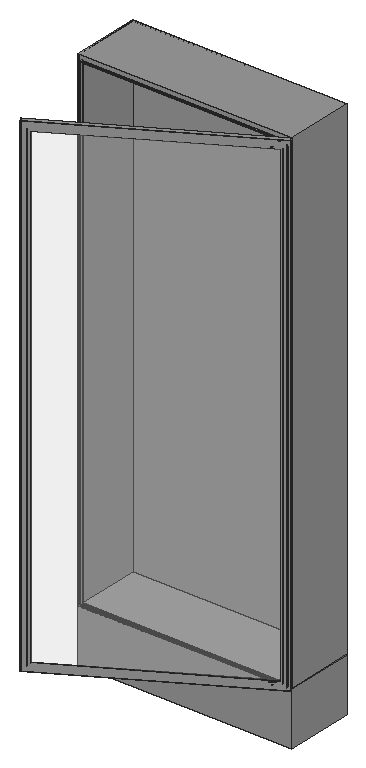
Revit family "Hager-Univers-IP55-D275-H2050-Cl.I-Steel_encl-NoHosted-NL-en", category Equipement électrique, Revit 2020
Family settings
  Configuration du panneau = Deux colonnes, circuits au sein
  Cote de connecteur circulaire = Utiliser le diamètre
  Type d'élément = Tableau de raccordement
  Basée sur le plan de construction = Oui
  Toujours verticalement = Oui
  Couper avec des vides une fois chargée = Non
  Partagée = Non
  Point de calcul de pièce = Non
Parameters (values of type "Floor installation IP55 W800 H2050 D275  - FR23K2")
  Width Control [instance] = if([EF000008 - Width] > Min Width, [EF000008 - Width], Min Width)  # 800 mm
  Commentaires du type = [HG000003 - Range]  # "Univers"
  Thickness Door [instance] = if([EF009171 - Material plate thickness door/cover] > 3 mm, 3 mm, [EF009171 - Material plate thickness door/cover])  # 1.5 mm
  Seal Frame Offset [instance] = 17 mm  # constant formula
  Plinth Visibility [instance] = [HG000027 - Plinth height] > 0 mm  # yes
  Min Width [instance] = 100 mm  # constant formula
  Min Depth [instance] = (2 * [EF009170 - Material plate thickness cabinet]) + 1 mm  # 4 mm
  Min Height [instance] = 100 mm  # constant formula
  Internal Frame Depth [instance] = (Door System Depth * 0.5)  # 9 mm
  Panel Name [instance] = ""  # (empty or 0)
  Model = ""
  HG000027 - Plinth height = 200 mm
  HG000026 - Floor standing = yes
  HG000024 - Bottom section height = 600 mm
  HG000023 - Double section enclosure = no
  HG000016 - Door 3d visibility [instance] = yes
  HG000015 - Clearance visibility [instance] = no
  HG000014 - Door on the right [instance] = yes
  HG000013 - Door on the left [instance] = not([HG000014 - Door on the right])  # no
  HG000012 - Door swing angle [instance] = 30.00°
  HG000010 - Asymmetric doors = no
  HG000009 - Double swing door = no
  HG000006 - Flush mounted = no
  HG000004 - Manufacturer reference = "FR23K2"
  HG000003 - Range = "Univers"
  HG000002 - With door or cover = yes
  Frame Offset Bottom [instance] = 10 mm  # constant formula
  Frame Offset [instance] = 15 mm  # constant formula
  EF015940 - Cover with overpressure release = no
  EF011959 - Degree of protection (NEMA) = ""
  EF009554 - Number of openings for flange plates = 6
  EF009212 - Cover model = "EV000116 - Closed"
  EF009171 - Material plate thickness door/cover = 1.5 mm
  EF009170 - Material plate thickness cabinet = 1.5 mm
  EF008873 - Nominal current (In) = 800 A
  EF007800 - Suitable for lightning protection = no
  EF006306 - With lock = no
  EF006244 - Transparent cover/door = yes
  EF005474 - Degree of protection (IP) = "EV006420 - IP55"
  EF004464 - Type of door = "EV002646 - Single"
  EF004427 - Number of modules = 432
  EF004293 - Impact strength = "EV008784 - IK10"
  EF003532 - Suitable for outdoor use = no
  EF002950 - Width in number of modular spacings = 24
  EF001613 - Circuit integrity = "EV000494 - None"
  EF001596 - Material housing = "EV000179 - Steel"
  EF001131 - Internal depth = 275 mm
  EF001088 - Extension possible = yes
  EF000437 - Number of conduit inlets = 6
  EF000339 - Type of cover = "EV004216 - Door"
  EF000266 - Number of rows = 12
  EF000218 - Built-in depth = 0 mm
  EF000118 - With mounting plate = no
  EF000116 - RAL-number = "7035"
  EF000049 - Depth = 275 mm
  EF000040 - Height = 2050 mm
  EF000008 - Width = 800 mm
  EF000007 - Colour = "EV000270 - Grey"
  EF000003 - Mounting method = "EV012274 - Floor installation"
  Door System Leaf Tolerance [instance] = 1.5 mm  # constant formula
  Door System Depth [instance] = 18 mm  # constant formula
  Door Height [instance] = Height Control - [HG000027 - Plinth height]  # 1850 mm
  Description = ""
  Default Elevation = 1219.2 mm
  Connector Offset [instance] = Height Control / 2  # 1025 mm
  Fabricant = "Hager"  # constant formula
  Height Control [instance] = if([EF000040 - Height] > Min Height, [EF000040 - Height], Min Height)  # 2050 mm
  Depth Control [instance] = if([EF000049 - Depth] > Min Depth, [EF000049 - Depth], Min Depth)  # 275 mm
  Bottom Top Plate Trim [instance] = 1.5 mm  # constant formula
  Plinth height Ctrl [instance] = if([HG000027 - Plinth height] > 0 mm, [HG000027 - Plinth height], 12 mm)  # 200 mm
Types (11, lengths in mm): name | Width Control | HG000010 - Asymmetric doors | HG000009 - Double swing door | HG000004 - Manufacturer reference | EF009554 - Number of openings for flange plates | EF006244 - Transparent cover/door | EF004464 - Type of door | EF004427 - Number of modules | EF000437 - Number of conduit inlets | EF000008 - Width
  Floor installation IP55 W1050 H2050 D275  - FR24E2 | 1050 | yes | yes | "FR24E2" | 8 | no | "EV003602 - Double" | 576 | 8 | 1050
  Floor installation IP55 W1050 H2050 D275  - FR24K2 | 1050 | yes | yes | "FR24K2" | 8 | yes | "EV003602 - Double" | 576 | 8 | 1050
  Floor installation IP55 W1300 H2050 D275  - FR25E2 | 1300 | yes | yes | "FR25E2" | 10 | no | "EV003602 - Double" | 720 | 10 | 1300
  Floor installation IP55 W1300 H2050 D275  - FR25K2 | 1300 | yes | yes | "FR25K2" | 10 | yes | "EV003602 - Double" | 720 | 10 | 1300
  Floor installation IP55 W1550 H2050 D275  - FR26E2 | 1550 | yes | yes | "FR26E2" | 12 | no | "EV003602 - Double" | 864 | 12 | 1550
  Floor installation IP55 W1550 H2050 D275  - FR26K2 | 1550 | yes | yes | "FR26K2" | 12 | yes | "EV003602 - Double" | 864 | 12 | 1550
  Floor installation IP55 W300 H2050 D275  - FR21E2 | 300 | no | no | "FR21E2" | 2 | no | "EV002646 - Single" | 144 | 2 | 300
  Floor installation IP55 W550 H2050 D275  - FR22E2 | 550 | no | no | "FR22E2" | 4 | no | "EV002646 - Single" | 288 | 4 | 550
  Floor installation IP55 W550 H2050 D275  - FR22K2 | 550 | no | no | "FR22K2" | 4 | yes | "EV002646 - Single" | 288 | 4 | 550
  Floor installation IP55 W800 H2050 D275  - FR23E2 | 800 | no | no | "FR23E2" | 6 | no | "EV002646 - Single" | 432 | 6 | 800
  Floor installation IP55 W800 H2050 D275  - FR23K2 | 800 | no | no | "FR23K2" | 6 | yes | "EV002646 - Single" | 432 | 6 | 800
Reference planes
  plane 1 "Center (Front/Back)": y = 0
  plane 2: z = 0
  plane 3 "Center (Left/Right)": x = 0
  plane 4: y = 0
  plane 5: y = 0
  plane 6: z = 0
  plane 7: x = -400
  plane 8: x = 400
  plane 9: x = 398.5
  plane 10: x = -398.5
  plane 11: z = 200
  plane 12: z = 201.5
  plane 13: y = -275
  plane 14: y = -1.5
  plane 15: x = 0
  plane 16: y = -257
  plane 17: y = -273.5
  plane 18: y = -255.5
  plane 19: x = -383.5
  plane 20: x = 383.5
  plane 21: z = 211.5
  plane 22: x = -383
  plane 23: x = 383
  plane 24: z = 200
  plane 25: z = 2050
  plane 26: z = 2050
  plane 27: z = 2033.5
  plane 28: z = 2048.5
Forms (mm)
  Extrusion 1, solid, material "Hager_Steel_RAL7035_Light_Grey", detail levels medium+fine
    sketch origin (-208.679, -4572, 200) x (-1, 0, 0) y (0, -1, 0)
      loop
        line (191.321, -4315) -> (-608.679, -4315) -> (-608.679, -4572) -> (191.321, -4572) -> (191.321, -4315)
    from 0 to 1850
  Extrusion 2, void
    sketch origin (-350.771, -275, 1219.2) x (1, 0, 0) y (0, 0, 1)
      loop
        line (-47.729, 829.3) -> (-47.729, -1017.7) -> (749.271, -1017.7) -> (749.271, 829.3) -> (-47.729, 829.3)
    from -19.5 to -273.5
  Extrusion 3, void
    sketch origin (-290.084, -257, 1219.2) x (1, 0, 0) y (0, 0, 1)
      loop
        line (-93.416, -1007.7) -> (673.584, -1007.7) -> (673.584, 814.3) -> (-93.416, 814.3) -> (-93.416, -1007.7)
    from 0 to -1.5
  Extrusion 4, solid, material "Hager_Steel_RAL7035_Light_Grey", visible <- "Plinth Visibility", detail levels medium+fine
    sketch origin (0, 0, 0) x (1, 0, 0) y (0, 1, 0)
      loop
        line (-400, 0) -> (-400, -257) -> (400, -257) -> (400, 0) -> (-400, 0)
    from 0 to 200 <- "Plinth height Ctrl"
  Extrusion 5, solid, material "Hager_Steel_RAL7035_Light_Grey", detail levels coarse
    sketch origin (0, 0, 0) x (1, 0, 0) y (0, 1, 0)
      loop
        line (-400, 0) -> (-400, -275) -> (400, -275) -> (400, 0) -> (-400, 0)
    from 0 to 2050 <- "Height Control"
  Sweep 6, void
    path in 3D
      loop
        line (-400, -257, 200) -> (400, -257, 200) -> (400, 0, 200) -> (-400, 0, 200) -> (-400, -257, 200)
    profile origin (-400, -128.5, 200) x (1, 0, 0) y (0, 0, 1)
      loop
        line (0, 0) -> (0, -1.5) -> (1.5, -1.5)
        arc (1.5, -1.5) -> (1.061, -0.439) -> (0, 0) r 1.5
  Extrusion 7, solid, material "Hager_Steel_RAL7035_Light_Grey", detail levels fine
    sketch origin (-400, -257, 200) x (1, 0, 0) y (0, 0, 1)
      loop
        line (16.5, 11.5) -> (783.5, 11.5) -> (783.5, 1833.5) -> (16.5, 1833.5) -> (16.5, 11.5)
      loop
        line (15, 10) -> (785, 10) -> (785, 1835) -> (15, 1835) -> (15, 10)
    from 0 to 9 <- "Internal Frame Depth"
Cuts and joins
  Extrusion 2, Extrusion 3 cuts Extrusion 1
  Sweep 6 cuts Extrusion 4
Lines and regions (mm)
  Masking region 1
    outline origin (0, 0, 0) x (1, 0, 0) y (0, 1, 0)
      loop
        line (-400, 0) -> (-400, -275) -> (400, -275) -> (400, 0) -> (-400, 0)
  Masking region 2, detail levels coarse
    outline origin (-290.084, -257, 1219.2) x (-1, 0, 0) y (0, 0, 1)
      loop
        line (-690.084, -1219.2) -> (109.916, -1219.2) -> (109.916, 830.8) -> (-690.084, 830.8) -> (-690.084, -1219.2)
  Masking region 3, detail levels coarse
    outline origin (0, 0, 0) x (0, 1, 0) y (0, 0, 1)
      loop
        line (0, 0) -> (0, 2050) -> (-275, 2050) -> (-275, 0) -> (0, 0)
  Masking region 4, visible <- "Plinth Visibility", detail levels medium+fine
    outline origin (0, 0, 0) x (0, 1, 0) y (0, 0, 1)
      loop
        line (-1.5, 200) -> (-255.5, 200)
        arc (-255.5, 200) -> (-255.939, 198.939) -> (-257, 198.5) r 1.5
        line (-257, 198.5) -> (-257, 0) -> (0, 0) -> (0, 198.5)
        arc (0, 198.5) -> (-1.061, 198.939) -> (-1.5, 200) r 1.5
  Masking region 5, detail levels medium+fine
    outline origin (0, 0, 594.038) x (0, 1, 0) y (0, 0, 1)
      loop
        line (0, -394.038) -> (0, 1455.962) -> (-257, 1455.962) -> (-257, -394.038) -> (0, -394.038)
  Masking region 6, detail levels medium+fine
    outline origin (-359.7, -257, 1211.883) x (-1, 0, 0) y (0, 0, 1)
      loop
        line (-759.7, -1011.883) -> (40.3, -1011.883) -> (40.3, 838.117) -> (-759.7, 838.117) -> (-759.7, -1011.883)
  Masking region 7, visible <- "Plinth Visibility", detail levels medium+fine
    outline origin (-320.334, -257, 1041.368) x (-1, 0, 0) y (0, 0, 1)
      loop
        line (-720.334, -1041.368) -> (79.666, -1041.368) -> (79.666, -842.868)
        arc (79.666, -842.868) -> (78.606, -842.429) -> (78.166, -841.368) r 1.5
        line (78.166, -841.368) -> (-718.834, -841.368)
        arc (-718.834, -841.368) -> (-719.273, -842.429) -> (-720.334, -842.868) r 1.5
        line (-720.334, -842.868) -> (-720.334, -1041.368)
  sketch lines
    curve 1: line (-400, 0, 200) -> (-400, -257, 200)
    curve 2: line (-400, -257, 200) -> (400, -257, 200)
    curve 3: line (400, 0, 200) -> (-400, 0, 200)
    curve 4: line (400, -257, 200) -> (400, 0, 200)
Dimensions and locks
  locked: plane 1 "Center (Front/Back)" to plane 5
  "EF009170 - Material plate thickness cabinet": plane 7 to plane 10
  "EF009170 - Material plate thickness cabinet": plane 8 to plane 9
  equal spacing: plane 7, plane 3 "Center (Left/Right)", plane 8
  "Width Control": plane 7 to plane 8
  "Depth Control": plane 4 to plane 13
  "EF009170 - Material plate thickness cabinet": plane 4 to plane 14
  "Height Control": plane 25 to level
  "HG000027 - Plinth height": plane 11 to level
  "EF009170 - Material plate thickness cabinet": plane 12 to plane 11
  "EF009170 - Material plate thickness cabinet": plane 17 to plane 13
  "EF009170 - Material plate thickness cabinet": plane 18 to plane 16
  "Frame Offset Bottom": plane 21 to plane 12
  "Frame Offset": plane 10 to plane 19
  "Frame Offset": plane 9 to plane 20
  "Door System Depth": plane 16 to plane 13
  "Seal Frame Offset": plane 7 to plane 22
  "Seal Frame Offset": plane 8 to plane 23
  "EF009170 - Material plate thickness cabinet": plane 26 to plane 28
  "Frame Offset": plane 28 to plane 27
  "Connector Offset": plane 2 to connector elem
  "Bottom Top Plate Trim": profile plane to Sweep 6 sketch curve
  "Bottom Top Plate Trim": Sweep 6 sketch curve to Sweep 6 sketch curve
  "Plinth height Ctrl": Masking region 4 sketch curve to level
  "Plinth height Ctrl": Masking region 7 sketch curve to level
  "Thickness Door": Extrusion 7 sketch curve to Extrusion 7 sketch curve  (x4)
  "Bottom Top Plate Trim": radius of Sweep 6 sketch curve
  "Bottom Top Plate Trim": radius of Masking region 4 sketch curve  (x2)
  "Bottom Top Plate Trim": radius of Masking region 7 sketch curve  (x2)
  aligned and locked: Extrusion 2 sketch curve to plane 12
  aligned and locked: Extrusion 2 sketch curve to plane 9
  aligned and locked: Extrusion 2 sketch curve to plane 10
  aligned and locked: Extrusion 2 to plane 14
  aligned and locked: Extrusion 1 sketch curve to plane 4
  aligned and locked: plane 8 to Extrusion 1 sketch curve
  aligned and locked: plane 7 to Extrusion 1 sketch curve
  aligned and locked: Extrusion 2 to plane 18
  aligned and locked: Extrusion 3 sketch curve to plane 19
  aligned and locked: plane 20 to Extrusion 3 sketch curve
  aligned and locked: Extrusion 3 to Extrusion 2
  aligned and locked: Extrusion 3 sketch curve to plane 21
  aligned and locked: plane 3 "Center (Left/Right)" to nested 1
  aligned and locked: Extrusion 1 sketch curve to plane 16
  aligned and locked: Extrusion 4 sketch curve to cut or joined group of Extrusion 1, Extrusion 2, Extrusion 3
  aligned and locked: Masking region 1 sketch curve to plane 7
  aligned and locked: Masking region 1 sketch curve to plane 5
  aligned and locked: Masking region 1 sketch curve to plane 8
  aligned and locked: Masking region 2 sketch curve to level
  aligned and locked: level to Masking region 3 sketch curve
  aligned and locked: plane 1 "Center (Front/Back)" to Masking region 3 sketch curve
  aligned and locked: plane 13 to Masking region 3 sketch curve
  aligned and locked: plane 5 to Masking region 4 sketch curve
  aligned and locked: Masking region 2 sketch curve to plane 8
  aligned and locked: Masking region 2 sketch curve to plane 7
  aligned and locked: plane 7 to nested 2
  aligned and locked: nested 2 to plane 5
  aligned and locked: plane 5 to Masking region 5 sketch curve
  aligned and locked: plane 26 to Masking region 5 sketch curve
  aligned and locked: Extrusion 5 sketch curve to plane 8
  aligned and locked: Extrusion 5 sketch curve to plane 7
  aligned and locked: Extrusion 5 sketch curve to plane 5
  aligned and locked: Extrusion 3 sketch curve to plane 27
  aligned and locked: Extrusion 2 sketch curve to plane 28
  aligned and locked: Masking region 2 to plane 25
  aligned and locked: Extrusion 4 to plane 16
  aligned and locked: profile plane to Sweep 6 sketch curve
  aligned and locked: Masking region 5 sketch curve to plane 24
  aligned and locked: level to Masking region 4 sketch curve
  aligned and locked: Masking region 1 to plane 13
  aligned and locked: nested 1 to plane 16
  aligned and locked: Masking region 3 to plane 25
  aligned and locked: plane 16 to Masking region 4 sketch curve
  aligned and locked: Masking region 5 sketch curve to plane 16
  aligned and locked: plane 24 to plane 11
  aligned and locked: plane 26 to plane 25
  aligned and locked: plane 26 to cut or joined group of Extrusion 1, Extrusion 2, Extrusion 3
  aligned and locked: nested 1 to plane 24
  aligned and locked: Extrusion 1 to Extrusion 3
  aligned and locked: Masking region 6 sketch curve to plane 8
  aligned and locked: Masking region 6 sketch curve to plane 24
  aligned and locked: Masking region 6 sketch curve to plane 7
  aligned and locked: Masking region 6 sketch curve to plane 26
  aligned and locked: Masking region 7 sketch curve to plane 7
  aligned and locked: level to Masking region 7 sketch curve
  aligned and locked: Masking region 7 sketch curve to plane 8
  aligned and locked: Extrusion 7 sketch curve to cut or joined group of Extrusion 1, Extrusion 2, Extrusion 3  (x4)
Automatic sketch dimensions
  plane 19 to Extrusion 3 sketch curve = 0 mm
  Extrusion 3 sketch curve to plane 20 = 0 mm
  Extrusion 3 sketch curve to plane 21 = 0 mm
  Extrusion 4 sketch curve to plane 7 = 0 mm
  Extrusion 4 sketch curve to plane 8 = 0 mm
  Extrusion 4 sketch curve to plane 16 = 0 mm
  Masking region 1 sketch curve to plane 13 = 0 mm
  Masking region 2 sketch curve to plane 25 = 0 mm
  Masking region 3 sketch curve to plane 25 = 0 mm
  Extrusion 5 sketch curve to plane 13 = 0 mm
  profile plane to Sweep 6 sketch curve = 0 mm
Nested families
  nested 1: "EC000058_Univers_Door" at (0, -257, 200), Double <- "HG000009 - Double swing door", Transparent <- "EF006244 - Transparent cover/door", Angle <- "HG000012 - Door swing angle", Door_Right <- "HG000014 - Door on the right", Assymetrical <- "HG000010 - Asymmetric doors", Door <- "HG000002 - With door or cover", Width_Ctrl <- "Width Control", 3d_Door <- "HG000016 - Door 3d visibility", Clearance <- "HG000015 - Clearance visibility", Door_Left <- "HG000013 - Door on the left", Width <- "Width Control", Door_Depth <- "Door System Depth", Leaf_Tolerance <- "Door System Leaf Tolerance", Height <- "Door Height", Lock_Visibility <- "EF006306 - With lock", Thickness <- "Thickness Door", type "EC000058_Univers_Door", detail levels medium+fine
    with min_wh 4 mm, Width_Ctrl 800 mm, Width 800 mm, Transparent yes, Thickness 1.5 mm, Seal_Material Hager_Rubber, Lock_Visibility no, Lock_Material Hager_Plastic_RAL9005_Jet_Black, Leaf_Width 800 mm, Leaf_Tolerance_External_Sides 0 mm, Leaf_Tolerance 1.5 mm, Leaf_Offset 0 mm, Leaf_Height 1847 mm, Leaf_2_Width 800 mm, Leaf_2_Offset 400 mm, Leaf_1_Width 800 mm, Leaf_1_Offset 400 mm, Height_Ctrl 1850 mm, Height 1850 mm, Glass_Material Hager_Glass, Double_Clearance_Ctrl no, Double no, Door_Right_Ctrl yes, Door_Right yes, Door_Material Hager_Steel_RAL7035_Light_Grey, Door_Left_Ctrl no, Door_Left no, Door_Depth 18 mm, Door yes, Clearance_Material Hager_Clearance, Clearance_Depth 800 mm, Clearance_Ctrl no, Clearance no, Assymetrical no, Angle 30.00°, 3d_Door yes
  nested 2: "Hager_Enclosure_Symbol" at (-400, 0, 0), Height <- "Depth Control", Width <- "Width Control", type "Hager_Enclosure_Symbol"
    with Width_Ctrl 800 mm, Width 800 mm, Height_Ctrl 275 mm, Height 275 mm, A_Width_Int 18.047 mm, A_Width 216.562 mm, A_Height_Ctrl 240.625 mm, A_Height 240.625 mm
Connectors
  electrical at (0, 0, 1025)
    settings: on plane 1 "Center (Front/Back)", index 1, voltage 0 V, apparent load 0 VA, apparent load phase1 0 VA, apparent load phase2 0 VA, apparent load phase3 0 VA, power factor 1, load classification "Other", number of poles 1, system type 30, power factor state 1, is connector primary yes, connector utility no, sub classification motor no, connector description ""
Definition of nested family "EC000058_Univers_Door"
  Parameters (values of type "EC000058_Univers_Door")
    min_wh [instance] = (2 * Thickness) + 1 mm  # 11 mm
    Width_Ctrl [instance] = 400 mm
    Width [instance] = 500 mm
    Transparent [instance] = yes
    Thickness [instance] = 5 mm
    Seal_Material [instance] = none
    Lock_Visibility [instance] = yes
    Lock_Material [instance] = none
    Leaf_Width [instance] = if((Width_Ctrl - 2 * Leaf_Tolerance_External_Sides) > 0 mm, (Width_Ctrl - 2 * Leaf_Tolerance_External_Sides), min_wh)  # 400 mm
    Leaf_Tolerance_External_Sides [instance] = 0 mm  # constant formula
    Leaf_Tolerance [instance] = 1.5 mm
    Leaf_Offset [instance] = 0 mm  # constant formula
    Leaf_Height [instance] = if((Height_Ctrl - 2 * Leaf_Tolerance) > 0 mm, (Height_Ctrl - 2 * Leaf_Tolerance), min_wh)  # 497 mm
    Leaf_2_Width [instance] = if(and(and(Double, Assymetrical), Door_Left), (Leaf_Width / 3) - (Leaf_Tolerance / 2), if(and(and(Double, Assymetrical), Door_Right), (Leaf_Width / 3) * 2 - (Leaf_Tolerance / 2), if(and(Double, not(Assymetrical)), (Leaf_Width / 2) - Leaf_Tolerance, Leaf_Width)))  # 400 mm
    Leaf_2_Offset [instance] = if(and(Double, Assymetrical), Leaf_2_Width / 2, if(and(Double, not(Assymetrical)), Leaf_Width / 4, Leaf_Width / 2))  # 200 mm
    Leaf_1_Width [instance] = if(and(and(Double, Assymetrical), Door_Right), (Leaf_Width / 3) - (Leaf_Tolerance / 2), if(and(and(Double, Assymetrical), Door_Left), (Width / 3) * 2 - (Leaf_Tolerance / 2), if(and(Double, not(Assymetrical)), (Leaf_Width / 2) - Leaf_Tolerance, Leaf_Width)))  # 400 mm
    Leaf_1_Offset [instance] = if(and(Double, Assymetrical), Leaf_1_Width / 2, if(and(Double, not(Assymetrical)), Leaf_Width / 4, Leaf_Width / 2))  # 200 mm
    Height_Ctrl [instance] = if(Height > min_wh, Height, min_wh)  # 500 mm
    Height [instance] = 500 mm
    Glass_Material [instance] = none
    Double_Clearance_Ctrl [instance] = and(Double, Clearance)  # no
    Double [instance] = no
    Door_Right_Ctrl [instance] = and(or(Door_Right, Double), Door)  # yes
    Door_Right [instance] = yes
    Door_Material [instance] = none
    Door_Left_Ctrl [instance] = and(or(Door_Left, Double), Door)  # no
    Door_Left [instance] = no
    Door_Depth [instance] = 30 mm
    Door [instance] = yes
    Default Elevation = 1219.2 mm
    Clearance_Material [instance] = none
    Clearance_Depth [instance] = if(Leaf_1_Width > Leaf_2_Width, Leaf_1_Width, Leaf_2_Width)  # 400 mm
    Clearance_Ctrl [instance] = and(not(Double), Clearance)  # yes
    Clearance [instance] = yes
    Assymetrical [instance] = yes
    Angle [instance] = 30.00°
    3d_Door [instance] = yes
  Reference planes
    plane 1 "Center (Front/Back)": y = 0
    plane 2 "Bottom": z = 0
    plane 3 "Center (Left/Right)": x = 0
    plane 4: z = 500
    plane 5: x = -200
    plane 6: x = 200
    plane 7: z = 500
    plane 8: x = -200
    plane 9: z = 0
    plane 10: x = 200
    plane 11: y = 0
    plane 12: z = 1.5
    plane 13: x = -600
    plane 14: y = -400
    plane 15: x = 600
    plane 16: x = 0
    plane 17: x = 0
    plane 18: x = -200
    plane 19: x = 200
    plane 20: z = 498.5
  Forms (mm)
    Extrusion 1, solid, material <- "Clearance_Material", visible <- "Double_Clearance_Ctrl"
      sketch origin (1200, 0, 0) x (1, 0, 0) y (0, 0, -1)
        loop
          line (-1800, -498.5) -> (-600, -498.5) -> (-600, 0) -> (-1800, 0) -> (-1800, -498.5)
      from 0 to -400
  Dimensions and locks
    equal spacing: plane 5, plane 3 "Center (Left/Right)", plane 6
    "Width_Ctrl": plane 5 to plane 6
    "Leaf_Offset": plane 5 to plane 8
    "Leaf_Offset": plane 6 to plane 10
    "Leaf_Offset": plane 9 to level
    "Leaf_Offset": plane 4 to plane 7
    "Height_Ctrl": plane 4 to level
    "Leaf_Tolerance": plane 12 to plane 9
    locked: plane 11 to plane 1 "Center (Front/Back)"
    "Leaf_1_Offset": plane 18 to plane 16
    "Leaf_2_Offset": plane 17 to plane 19
    "Leaf_1_Width": plane 13 to plane 8
    "Leaf_2_Width": plane 10 to plane 15
    "Clearance_Depth": plane 14 to plane 1 "Center (Front/Back)"
    "Leaf_Tolerance_External_Sides": plane 8 to plane 18
    "Leaf_Tolerance_External_Sides": plane 19 to plane 10
    "Leaf_Tolerance": plane 7 to plane 20
    aligned and locked: level to plane 2 "Bottom"
    aligned and locked: nested 1 to plane 16
    aligned and locked: nested 2 to plane 17
    aligned and locked: Extrusion 1 to plane 13
    aligned and locked: plane 15 to Extrusion 1
    aligned and locked: Extrusion 1 to plane 14
    aligned and locked: plane 12 to nested 1
    aligned and locked: nested 2 to plane 12
    aligned and locked: Extrusion 1 to plane 11
    aligned and locked: plane 20 to Extrusion 1
    aligned and locked: nested 2 to plane 11
    aligned and locked: nested 1 to plane 11
  Automatic sketch dimensions
    Extrusion 1 sketch curve to level = 0 mm
    plane 5 to Extrusion 1 sketch curve = 400 mm
    plane 6 to Extrusion 1 sketch curve = 400 mm
    Extrusion 1 sketch curve to plane 4 = 1.5 mm
  Nested families
    nested 1: "EC000058_Univers_Door_Leaf" at (0, 0, 1.5), Width <- "Leaf_1_Width", visible <- "Door_Left_Ctrl", Leaf_Height <- "Leaf_Height", Angle <- "Angle", 3d_Door <- "3d_Door", Transparent <- "Transparent", Clearance Material <- "Clearance_Material", Clearance <- "Clearance_Ctrl", Door_Material <- "Door_Material", Glass_Material <- "Glass_Material", Door_Depth <- "Door_Depth", Lock_Material <- "Lock_Material", Seal_Material <- "Seal_Material", Lock_Visibility <- "Lock_Visibility", Thickness <- "Thickness", type "EC000058_Univers_Door_Leaf"
      with Width 400 mm, Transparent_Glass_Offset 30 mm, Transparent_Ctrl yes, Transparent yes, Thickness 5 mm, Standard no, Seal_Material none, Seal_D2 8 mm, Seal_D1 1 mm, Offset_Internal_Frame 10 mm, Lock_Width 20 mm, Lock_Visibility_3d yes, Lock_Visibility yes, Lock_Thickness_3 3 mm, Lock_Thickness_2 1 mm, Lock_Thickness_1 3 mm, Lock_Radius_Offset_2 16 mm, Lock_Radius_Offset_1 15 mm, Lock_Radius_2 5 mm, Lock_Radius 6 mm, Lock_Offset 5 mm, Lock_Material none, Lock_Height 80 mm, Lock_Cover_Top_Offset_2d 17 mm, Lock_Cover_Height -65 mm, Leaf_Height 497 mm, Internal_Seal_Thickness 8 mm, Internal_Seal_Depth_2 4.5 mm, Internal_Frame_Depth 25 mm, Glass_Thickness -1 mm, Glass_Offset -2 mm, Glass_Material none, Door_Material none, Door_Depth 30 mm, Clearance Material none, Clearance yes, Angle_Ctrl 30.00°, Angle 30.00°, 3d_Door yes
    nested 2: "EC000058_Univers_Door_Leaf" at (0, 0, 1.5) x (-1, 0, 0) z (0, 0, 1), Width <- "Leaf_2_Width", visible <- "Door_Right_Ctrl", Leaf_Height <- "Leaf_Height", Angle <- "Angle", 3d_Door <- "3d_Door", Transparent <- "Transparent", Clearance Material <- "Clearance_Material", Clearance <- "Clearance_Ctrl", Door_Material <- "Door_Material", Glass_Material <- "Glass_Material", Door_Depth <- "Door_Depth", Lock_Material <- "Lock_Material", Seal_Material <- "Seal_Material", Lock_Visibility <- "Lock_Visibility", Thickness <- "Thickness", type "EC000058_Univers_Door_Leaf"
      with Width 400 mm, Transparent_Glass_Offset 30 mm, Transparent_Ctrl yes, Transparent yes, Thickness 5 mm, Standard no, Seal_Material none, Seal_D2 8 mm, Seal_D1 1 mm, Offset_Internal_Frame 10 mm, Lock_Width 20 mm, Lock_Visibility_3d yes, Lock_Visibility yes, Lock_Thickness_3 3 mm, Lock_Thickness_2 1 mm, Lock_Thickness_1 3 mm, Lock_Radius_Offset_2 16 mm, Lock_Radius_Offset_1 15 mm, Lock_Radius_2 5 mm, Lock_Radius 6 mm, Lock_Offset 5 mm, Lock_Material none, Lock_Height 80 mm, Lock_Cover_Top_Offset_2d 17 mm, Lock_Cover_Height -65 mm, Leaf_Height 497 mm, Internal_Seal_Thickness 8 mm, Internal_Seal_Depth_2 4.5 mm, Internal_Frame_Depth 25 mm, Glass_Thickness -1 mm, Glass_Offset -2 mm, Glass_Material none, Door_Material none, Door_Depth 30 mm, Clearance Material none, Clearance yes, Angle_Ctrl 30.00°, Angle 30.00°, 3d_Door yes
  Definition of nested family "EC000058_Univers_Door_Leaf"
    Parameters (values of type "EC000058_Univers_Door_Leaf")
      Width [instance] = 2000 mm
      Transparent_Glass_Offset [instance] = 30 mm
      Transparent_Ctrl [instance] = and(Transparent, [3d_Door])  # yes
      Transparent [instance] = yes
      Thickness [instance] = 5 mm
      Standard [instance] = and(not(Transparent), [3d_Door])  # no
      Seal_Material [instance] = none
      Seal_D2 [instance] = 8 mm  # constant formula
      Seal_D1 [instance] = 1 mm  # constant formula
      Offset_Internal_Frame [instance] = 10 mm  # constant formula
      Lock_Width [instance] = 20 mm  # constant formula
      Lock_Visibility_3d [instance] = and(Lock_Visibility, [3d_Door])  # yes
      Lock_Visibility [instance] = yes
      Lock_Thickness_3 [instance] = 3 mm  # constant formula
      Lock_Thickness_2 [instance] = 1 mm  # constant formula
      Lock_Thickness_1 [instance] = 3 mm  # constant formula
      Lock_Radius_Offset_2 [instance] = Lock_Radius_Offset_1 + 1 mm  # 16 mm
      Lock_Radius_Offset_1 [instance] = 15 mm  # constant formula
      Lock_Radius_2 [instance] = Lock_Radius - 1 mm  # 5 mm
      Lock_Radius [instance] = 6 mm  # constant formula
      Lock_Offset [instance] = 5 mm  # constant formula
      Lock_Material [instance] = none
      Lock_Height [instance] = 80 mm  # constant formula
      Lock_Cover_Top_Offset_2d [instance] = Lock_Radius_Offset_2 + 1 mm  # 17 mm
      Lock_Cover_Height [instance] = -(Lock_Height - Lock_Radius_Offset_1)  # -65 mm
      Leaf_Height [instance] = 2720.336 mm
      Internal_Seal_Thickness [instance] = 8 mm  # constant formula
      Internal_Seal_Depth_2 [instance] = 4.5 mm  # constant formula
      Internal_Frame_Depth [instance] = if(Door_Depth - Thickness > 5 mm, Door_Depth - Thickness, 5 mm)  # 25 mm
      Glass_Thickness [instance] = if(Thickness > 15 mm, Glass_Offset + 10 mm, -1 mm)  # -1 mm
      Glass_Offset [instance] = if(Thickness > 15 mm, -(Thickness + 10 mm) / 2, -2 mm)  # -2 mm
      Glass_Material [instance] = none
      Door_Material [instance] = none
      Door_Depth [instance] = 30 mm
      Default Elevation = 0 mm
      Clearance Material [instance] = none
      Clearance [instance] = yes
      Angle_Ctrl [instance] = if(Angle > 180.00°, 180.00°, Angle)  # 90.00°
      Angle [instance] = 90.00°
      3d_Door [instance] = yes
    Reference planes
      plane 1 "Center (Front/Back)": y = 0
      plane 2: z = 0
      plane 3 "Center (Left/Right)": x = 0
      plane 4: y = 2000
      plane 5: x = -1000
      plane 6: x = 1000
      plane 7: x = -3000
      plane 8: z = 2720.336
      plane 9: z = 30
      plane 10: z = 2690.336
      plane 11: x = 970
      plane 12: x = -970
      plane 13: y = -3
      plane 14: z = 107.833
      plane 15: y = -5
      plane 16: y = -223.314
      plane 17: x = -1000
      plane 18: z = 1360.168
      plane 19: y = 30
    Forms (mm)
      Extrusion 1, solid, material <- "Clearance Material", visible <- "Clearance"
        sketch origin (0, 0, 0) x (1, 0, 0) y (0, 0, 1)
          loop
            line (-3000, 2720.336) -> (-3000, 0) -> (1000, 0) -> (1000, 2720.336) -> (-3000, 2720.336)
        from 0 to -2000
      Extrusion 2, solid, material <- "Door_Material", visible <- "Standard", detail levels medium+fine
        sketch origin (-1000, 0, 0) x (0, 1, 0) y (-1, 0, 0)
          loop
            line (0, 30) -> (0, 25) -> (2000, 25) -> (2000, 30) -> (0, 30)
        from 0 to 2720.336 <- "Leaf_Height"
      Extrusion 3, solid, material <- "Door_Material", visible <- "Transparent_Ctrl", detail levels medium+fine
        sketch origin (-1000, 0, 0) x (0, 1, 0) y (-1, 0, 0)
          loop
            line (0, 25) -> (2000, 25) -> (2000, 30) -> (0, 30) -> (0, 25)
        from 0 to 2720.336 <- "Leaf_Height"
      Extrusion 4, void
        sketch origin (-1025, 2000, 0) x (0, 1, 0) y (0, 0, -1)
          loop
            line (-30, -2690.336) -> (-30, -30) -> (-1970, -30) -> (-1970, -2690.336) -> (-30, -2690.336)
        from 0 to 5 <- "Thickness"
      Sweep 5, solid, material <- "Seal_Material", visible <- "Transparent_Ctrl", detail levels fine
        path in 3D
          loop
            line (-1025, 30, 30) -> (-1025, 30, 2690.336) -> (-1025, 1970, 2690.336) -> (-1025, 1970, 30) -> (-1025, 30, 30)
        profile origin (-1025, 1000, 30) x (1, 0, 0) y (0, 0, 1)
          loop
            line (0, 0) -> (0, -8) -> (1, -8) -> (1, 0) -> (0, 0)
      Extrusion 6, solid, material <- "Glass_Material", visible <- "Transparent_Ctrl", detail levels medium+fine
        sketch origin (-1030, 0, 0) x (0, 1, 0) y (0, 0, -1)
          loop
            line (1970, -2690.336) -> (1970, -30) -> (30, -30) -> (30, -2690.336) -> (1970, -2690.336)
        from -2 <- "Glass_Offset" to -1 <- "Glass_Thickness"
      Extrusion 7, solid, material <- "Door_Material", visible <- "3d_Door", detail levels medium+fine
        sketch origin (-1025, 2000, 0) x (0, -1, 0) y (0, 0, -1)
          loop
            line (0, -2720.336) -> (2000, -2720.336) -> (2000, 0) -> (0, 0) -> (0, -2720.336)
          loop
            line (1995, -5) -> (5, -5) -> (5, -2715.336) -> (1995, -2715.336) -> (1995, -5)
        from 0 to 25 <- "Internal_Frame_Depth"
      Sweep 8, solid, material <- "Seal_Material", visible <- "Transparent_Ctrl", detail levels fine
        path in 3D
          loop
            line (-1025, 0, 0) -> (-1025, 2000, 0) -> (-1025, 2000, 2720.336) -> (-1025, 0, 2720.336) -> (-1025, 0, 0)
        profile origin (-1025, 0, 1360.168) x (1, 0, 0) y (0, 1, 0)
          loop
            line (0, 10) -> (2.975, 10)
            arc (2.975, 10) -> (4.053, 10.447) -> (4.5, 11.525) r 1.525
            line (4.5, 11.525) -> (4.5, 16.527)
            arc (4.5, 16.527) -> (4.069, 17.569) -> (3.027, 18) r 1.473
            line (3.027, 18) -> (0, 18) -> (0, 10)
      Extrusion 9, solid, material <- "Lock_Material", visible <- "Lock_Visibility_3d", detail levels fine
        sketch origin (-1030, 0, 0) x (0, 1, 0) y (0, 0, -1)
          loop
            arc (1993.5, -1400.168) -> (1994.561, -1399.729) -> (1995, -1398.668) r 1.5
            line (1995, -1398.668) -> (1995, -1320.168) -> (1975, -1320.168) -> (1975, -1398.668)
            arc (1975, -1398.668) -> (1975.439, -1399.729) -> (1976.5, -1400.168) r 1.5
            line (1976.5, -1400.168) -> (1993.5, -1400.168)
        from 3 <- "Lock_Thickness_1" to 0
      Blend 10, solid, material <- "Lock_Material", visible <- "Lock_Visibility_3d", detail levels fine
        base sketch origin (-1033, 0, 0) x (0, 1, 0) y (0, 0, -1)
          loop
            line (1975, -1320.168) -> (1975, -1398.668)
            arc (1975, -1398.668) -> (1975.439, -1399.729) -> (1976.5, -1400.168) r 1.5
            line (1976.5, -1400.168) -> (1993.5, -1400.168)
            arc (1993.5, -1400.168) -> (1994.561, -1399.729) -> (1995, -1398.668) r 1.5
            line (1995, -1398.668) -> (1995, -1320.168) -> (1975, -1320.168)
        top sketch origin (-1033, 0, 0) x (0, 1, 0) y (0, 0, -1)
          loop
            line (1976, -1320.168) -> (1976, -1398.668)
            arc (1976, -1398.668) -> (1976.146, -1399.022) -> (1976.5, -1399.168) r 0.5
            line (1976.5, -1399.168) -> (1993.5, -1399.168)
            arc (1993.5, -1399.168) -> (1993.854, -1399.022) -> (1994, -1398.668) r 0.5
            line (1994, -1398.668) -> (1994, -1320.168) -> (1976, -1320.168)
        from 0 to 1 <- "Lock_Thickness_2"
      Blend 11, solid, material <- "Lock_Material", visible <- "Lock_Visibility_3d", detail levels fine
        base sketch origin (-1034, 0, 0) x (0, 1, 0) y (0, 0, -1)
          loop
            line (1978, -1320.168) -> (1978, -1384.168)
            arc (1978, -1384.168) -> (1985, -1391.168) -> (1992, -1384.168) r 7
            line (1992, -1384.168) -> (1992, -1320.168) -> (1978, -1320.168)
        top sketch origin (-1034, 0, 0) x (0, 1, 0) y (0, 0, -1)
          loop
            line (1991, -1320.168) -> (1979, -1320.168) -> (1979, -1383.168)
            arc (1979, -1383.168) -> (1985, -1389.168) -> (1991, -1383.168) r 6
            line (1991, -1383.168) -> (1991, -1320.168)
        from 0 to 3 <- "Lock_Thickness_3"
      Extrusion 12, solid, material <- "Lock_Material", visible <- "Lock_Visibility_3d", detail levels fine
        sketch origin (-1030, 1975, 1320.168) x (1, 0, 0) y (0, -1, 0)
          loop
            line (-7, -19) -> (-7, -1) -> (0, -1) -> (0, 0) -> (-8, 0) -> (-8, -20) -> (0, -20) -> (0, -19) -> (-7, -19)
        from 0 to -65 <- "Lock_Cover_Height"
      Extrusion 13, void
        sketch origin (-1038, 1995, 1320.168) x (-1, 0, 0) y (0, 0, -1)
          loop
            line (-5, -65) -> (0, -65) -> (-5, -60) -> (-5, -65)
        from 0 to 20 <- "Lock_Width"
      Extrusion 14, void
        sketch origin (-1038, 1975, 1320.168) x (0, -1, 0) y (0, 0, -1)
          loop
            circle (-10, -15.995) r 6
          loop
            circle (-10, -15.995) r 5
        from 0 to 2
      Extrusion 15, solid, material <- "Lock_Material", visible <- "Lock_Visibility_3d", detail levels medium
        sketch origin (-1030, 0, 0) x (0, 1, 0) y (0, 0, -1)
          loop
            arc (1993.5, -1400.168) -> (1994.561, -1399.729) -> (1995, -1398.668) r 1.5
            line (1995, -1398.668) -> (1995, -1320.168) -> (1975, -1320.168) -> (1975, -1398.668)
            arc (1975, -1398.668) -> (1975.439, -1399.729) -> (1976.5, -1400.168) r 1.5
            line (1976.5, -1400.168) -> (1993.5, -1400.168)
        from 8 to 0
    Cuts and joins
      Extrusion 4 cuts Extrusion 3
      Extrusion 13, Extrusion 14 cuts Extrusion 9
      Extrusion 14 cuts Blend 11
      Extrusion 13, Extrusion 14 cuts Extrusion 12
      joined: Extrusion 9, Blend 10, Blend 11, Extrusion 12
      Extrusion 14 cuts Extrusion 15
    Lines and regions (mm)
      Masking region 1, visible <- "Lock_Visibility", detail levels fine
        outline origin (0, 0, 0) x (0, 1, 0) y (0, 0, 1)
          loop
            line (30, 1320.168) -> (33, 1320.168) -> (33, 1400.168) -> (30, 1400.168) -> (30, 1320.168)
      Masking region 2, visible <- "Lock_Visibility", detail levels fine
        outline origin (0, 3.143, 0) x (0, 1, 0) y (0, 0, 1)
          loop
            line (29.857, 1354.168) -> (30.857, 1354.168) -> (30.857, 1366.168) -> (29.857, 1366.168) -> (29.857, 1354.168)
      Masking region 3, detail levels medium+fine
        outline origin (0, 0, 0) x (0, 1, 0) y (0, 0, 1)
          loop
            line (0, 0) -> (30, 0) -> (30, 2720.336) -> (0, 2720.336) -> (0, 0)
      Masking region 4, detail levels medium+fine
        outline origin (0, 0, 0) x (1, 0, 0) y (0, 0, 1)
          loop
            line (-1000, 2720.336) -> (-1000, 0) -> (1000, 0) -> (1000, 2720.336) -> (-1000, 2720.336)
      Masking region 5, visible <- "Lock_Visibility", detail levels fine
        outline origin (-47.116, 0, 0) x (1, 0, 0) y (0, 0, 1)
          loop
            arc (1024.616, 1399.168) -> (1023.556, 1398.729) -> (1023.116, 1397.668) r 1.5
            line (1023.116, 1397.668) -> (1023.116, 1320.168) -> (1041.116, 1320.168) -> (1041.116, 1397.668)
            arc (1041.116, 1397.668) -> (1040.677, 1398.729) -> (1039.616, 1399.168) r 1.5
            line (1039.616, 1399.168) -> (1024.616, 1399.168)
      Masking region 6, visible <- "Lock_Visibility", detail levels medium+fine
        outline origin (-25, 0, 0) x (1, 0, 0) y (0, 0, 1)
          loop
            arc (1001.5, 1400.168) -> (1000.439, 1399.729) -> (1000, 1398.668) r 1.5
            line (1000, 1398.668) -> (1000, 1320.168) -> (1020, 1320.168) -> (1020, 1398.668)
            arc (1020, 1398.668) -> (1019.561, 1399.729) -> (1018.5, 1400.168) r 1.5
            line (1018.5, 1400.168) -> (1001.5, 1400.168)
      Masking region 7, visible <- "Lock_Visibility", detail levels fine
        outline origin (-73.735, 0, 0) x (1, 0, 0) y (0, 0, 1)
          loop
            line (1051.735, 1382.168) -> (1065.735, 1382.168) -> (1065.735, 1384.168)
            arc (1065.735, 1384.168) -> (1058.735, 1391.168) -> (1051.735, 1384.168) r 7
            line (1051.735, 1384.168) -> (1051.735, 1382.168)
      Masking region 8, visible <- "Lock_Visibility", detail levels fine
        outline origin (-73.735, 0, 0) x (1, 0, 0) y (0, 0, 1)
          loop
            line (1052.735, 1382.168) -> (1064.735, 1382.168) -> (1064.735, 1383.168)
            arc (1064.735, 1383.168) -> (1058.735, 1389.168) -> (1052.735, 1383.168) r 6
            line (1052.735, 1383.168) -> (1052.735, 1382.168)
      Masking region 9, visible <- "Lock_Visibility", detail levels fine
        outline origin (-25, 0, 0) x (1, 0, 0) y (0, 0, 1)
          loop
            line (1020, 1320.168) -> (1020, 1382.168) -> (1000, 1382.168) -> (1000, 1320.168) -> (1020, 1320.168)
      Masking region 10, detail levels medium+fine
        outline origin (0, 0, 0) x (1, 0, 0) y (0, 0, 1)
          loop
            circle (985, 1335.144) r 6
      Masking region 11, detail levels fine
        outline origin (0, 0, 0) x (1, 0, 0) y (0, 0, 1)
          loop
            circle (985, 1335.144) r 5
      Masking region 12, visible <- "Lock_Visibility", detail levels fine
        outline origin (0, 12.767, 0) x (0, 1, 0) y (0, 0, 1)
          loop
            line (20.233, 1320.168) -> (21.233, 1320.168) -> (21.233, 1399.168) -> (20.233, 1400.168) -> (20.233, 1320.168)
      Masking region 13, visible <- "Lock_Visibility", detail levels fine
        outline origin (0, 13.767, -10) x (0, 1, 0) y (0, 0, 1)
          loop
            line (20.233, 1330.168) -> (23.233, 1330.168) -> (23.233, 1399.168) -> (20.233, 1402.168) -> (20.233, 1330.168)
      Masking region 14, visible <- "Lock_Visibility", detail levels fine
        outline origin (0, 12.767, -10) x (0, 1, 0) y (0, 0, 1)
          loop
            line (20.233, 1330.168) -> (25.233, 1330.168) -> (25.233, 1399.305) -> (20.233, 1394.305) -> (20.233, 1330.168)
      Masking region 15, visible <- "Lock_Visibility", detail levels medium
        outline origin (0, 0, 0) x (0, 1, 0) y (0, 0, 1)
          loop
            line (30, 1320.168) -> (38, 1320.168) -> (38, 1400.168) -> (30, 1400.168) -> (30, 1320.168)
      Masking region 16, visible <- "Lock_Visibility", detail levels fine
        outline origin (-1000, 0, 0) x (0, 1, 0) y (-1, 0, 0)
          loop
            line (1975, 30) -> (1995, 30) -> (1995, 38) -> (1975, 38) -> (1975, 30)
          loop
            line (1979, 37) -> (1976, 37) -> (1976, 34) -> (1978, 34) -> (1979, 37)
          loop
            line (1994, 37) -> (1991, 37) -> (1992, 34) -> (1994, 34) -> (1994, 37)
      Masking region 17, visible <- "Lock_Visibility", detail levels medium
        outline origin (-1000, 0, 0) x (0, 1, 0) y (-1, 0, 0)
          loop
            line (1975, 30) -> (1995, 30) -> (1995, 38) -> (1975, 38) -> (1975, 30)
      symbolic lines
        curve 1: line (1000, 0, 0) -> (-3000, 0, 0)
        curve 2: arc (1000, 0, 0) -> (-1000, 2000, 0) -> (-3000, 0, 0) r 2000
        curve 4: line (-1030, 0, 0) -> (-1030, 2000, 0)
      reference lines
        curve 3: line (-1000, 0, 0) -> (-1000, 2000, 0)
      symbolic lines, detail levels medium+fine
        curve 5: line (-1030, 2000, 0) -> (-1025, 2000, 0)
        curve 7: line (-1025, 0, 0) -> (-1030, 0, 0)
        curve 8: line (-1025, 0, 0) -> (-1000, 0, 0)
        curve 9: line (-1000, 0, 0) -> (-1000, 2000, 0)
        curve 10: line (-1000, 2000, 0) -> (-1025, 2000, 0)
      symbolic lines, detail levels fine
        curve 6: line (-1025, 2000, 0) -> (-1025, 0, 0)
      sketch lines
        curve 11: line (-1025, 0, 2720.336) -> (-1025, 0, 0)
        curve 12: line (-1025, 2000, 0) -> (-1025, 0, 0)
        curve 13: line (-1025, 2000, 2720.336) -> (-1025, 2000, 0)
        curve 14: line (-1025, 0, 2720.336) -> (-1025, 2000, 2720.336)
        curve 15: line (-1025, 1970, 30) -> (-1025, 30, 30)
        curve 16: line (-1025, 30, 30) -> (-1025, 30, 2690.336)
        curve 17: line (-1025, 1970, 2690.336) -> (-1025, 1970, 30)
        curve 18: line (-1025, 30, 2690.336) -> (-1025, 1970, 2690.336)
      symbolic lines, visible <- "Transparent", detail levels medium+fine
        curve 19: line (-970, 0, 2690.336) -> (970, 0, 2690.336)
        curve 20: line (-970, 0, 30) -> (-970, 0, 2690.336)
        curve 21: line (970, 0, 30) -> (-970, 0, 30)
        curve 22: line (970, 0, 2690.336) -> (970, 0, 30)
    Dimensions and locks
      "Width": plane 1 "Center (Front/Back)" to plane 4
      equal spacing: plane 5, plane 3 "Center (Left/Right)", plane 6
      "Width": plane 5 to plane 6
      "Width": plane 7 to plane 5
      "Leaf_Height": plane 8 to level
      "Width": curve 5 to curve 3
      "Width": curve 3 to curve 3
      plane 8 to plane 10 = 30 mm
      plane 9 to level = 30 mm
      plane 12 to plane 5 = 30 mm
      plane 6 to plane 11 = 30 mm
      Extrusion 1 to Extrusion 4 sketch curve = 30 mm
      "Transparent_Glass_Offset": curve 3 to Extrusion 4 sketch curve
      "Transparent_Glass_Offset": Extrusion 4 sketch curve to cut or joined group of Extrusion 3, Extrusion 4  (x2)
      cut or joined group of Extrusion 3, Extrusion 4 to Extrusion 6 sketch curve = 30 mm
      "Transparent_Glass_Offset": cut or joined group of Extrusion 3, Extrusion 4 to Extrusion 4 sketch curve
      "Thickness": curve 6 to curve 4
      "Thickness": Extrusion 7 sketch curve to Extrusion 7 sketch curve  (x4)
      "Door_Depth": curve 4 to curve 3
      "Offset_Internal_Frame": profile plane to Sweep 8 sketch curve
      "Internal_Seal_Thickness": Sweep 8 sketch curve to Sweep 8 sketch curve
      "Internal_Seal_Depth_2": profile plane to Sweep 8 sketch curve
      "Seal_D1": profile plane to Sweep 5 sketch curve
      "Seal_D2": profile plane to Sweep 5 sketch curve
      "Thickness": Extrusion 2 sketch curve to Extrusion 2 sketch curve
      equal spacing: Extrusion 9 sketch curve, plane 18, Extrusion 9 sketch curve  (x2)
      equal spacing: Masking region 1 sketch curve, plane 18, Masking region 1 sketch curve
      "Lock_Height": Masking region 1 sketch curve to Masking region 1 sketch curve
      "Lock_Radius": Masking region 2 sketch curve to plane 18 to Masking region 2 sketch curve
      Masking region 2 sketch curve to Masking region 1 = 1 mm
      "Door_Depth": plane 19 to plane 1 "Center (Front/Back)"
      "Lock_Thickness_1": Masking region 1 sketch curve to plane 19
      "Lock_Width": Extrusion 9 sketch curve to Extrusion 9 sketch curve
      "Lock_Height": Extrusion 9 sketch curve to Extrusion 9 sketch curve
      "Lock_Offset": cut or joined group of Extrusion 3, Extrusion 4 to Extrusion 9 sketch curve
      equal spacing: plane 8, plane 18, level
      "Lock_Radius_Offset_1": Blend 11 sketch curve to Blend 10
      locked: Blend 10 to Blend 11 sketch curve at 2  (x2)
      locked: var sketch to Blend 11 sketch curve at 1  (x2)
      "Lock_Radius_Offset_2": Blend 11 sketch curve to Blend 10
      locked: Extrusion 12 sketch curve to Extrusion 12 sketch curve at 1  (x3)
      Masking region 6 sketch curve to Masking region 6 sketch curve = 80 mm
      "Lock_Height": Masking region 6 sketch curve to Masking region 6 sketch curve
      "Lock_Width": Masking region 6 sketch curve to Masking region 6 sketch curve
      locked: Masking region 6 to Masking region 5 sketch curve at 1  (x3)
      locked: Masking region 5 to Masking region 7 sketch curve at 2  (x2)
      "Lock_Radius_Offset_1": Masking region 5 to Masking region 7 sketch curve
      "Lock_Radius_Offset_2": Masking region 5 to Masking region 8 sketch curve
      locked: Masking region 7 to Masking region 8 sketch curve at 1  (x2)
      "Lock_Cover_Top_Offset_2d": Masking region 5 to Masking region 9 sketch curve
      equal spacing: Masking region 9, Masking region 10 sketch curve, Masking region 9
      equal spacing: Masking region 9, Masking region 11 sketch curve, Masking region 9
      Extrusion 15 sketch curve to Extrusion 15 sketch curve = 80 mm
      "Lock_Width": Extrusion 15 sketch curve to Extrusion 15 sketch curve
      "Lock_Height": Extrusion 15 sketch curve to Extrusion 15 sketch curve
      equal spacing: Extrusion 15 sketch curve, plane 18, Extrusion 15 sketch curve
      "Lock_Thickness_3": Masking region 13 sketch curve to Masking region 13 sketch curve
      "Lock_Height": Masking region 12 sketch curve to Masking region 12 sketch curve
      locked: Masking region 13 sketch curve to Masking region 1 at 8
      locked: Masking region 14 sketch curve to Masking region 13 at 1
      locked: Masking region 14 sketch curve to Masking region 1 at 10.863
      "Lock_Height": Masking region 15 sketch curve to Masking region 15 sketch curve
      "Lock_Offset": Extrusion 15 sketch curve to cut or joined group of Extrusion 3, Extrusion 4
      "Lock_Offset": plane 6 to Masking region 6 sketch curve
      radius of Sweep 8 sketch curve = 1.525 mm
      radius of Sweep 8 sketch curve = 1.473 mm
      radius of Extrusion 9 sketch curve = 1.5 mm  (x2)
      "Lock_Radius": radius of Extrusion 14 sketch curve
      "Lock_Radius_2": radius of Extrusion 14 sketch curve
      "Lock_Radius": radius of Masking region 10 sketch curve
      "Lock_Radius_2": radius of Masking region 11 sketch curve
      radius of Extrusion 15 sketch curve = 1.5 mm  (x2)
      "Angle_Ctrl": angle plane 1 "Center (Front/Back)" to curve 3
      locked: Masking region 12 sketch curve to Masking region 12 sketch curve (angle 45.00°)
      locked: Masking region 13 sketch curve to Masking region 13 sketch curve (angle 45.00°)
      locked: Masking region 14 sketch curve to Masking region 14 sketch curve (angle 45.00°)
      aligned and locked: level to plane 2
      aligned and locked: Extrusion 1 to curve 1
      aligned and locked: plane 6 to Extrusion 1
      aligned and locked: Extrusion 1 to plane 1 "Center (Front/Back)"
      aligned and locked: plane 4 to Extrusion 1
      aligned and locked: plane 8 to Extrusion 1
      aligned and locked: curve 7 to Extrusion 2 sketch curve
      aligned and locked: curve 5 to Extrusion 2 sketch curve
      aligned and locked: curve 7 to Extrusion 3 sketch curve
      aligned and locked: Extrusion 3 sketch curve to curve 4
      aligned and locked: Extrusion 3 sketch curve to curve 6
      aligned and locked: Extrusion 3 sketch curve to curve 5
      aligned and locked: curve 9 to curve 3
      aligned and locked: Extrusion 7 sketch curve to cut or joined group of Extrusion 3, Extrusion 4  (x4)
      aligned and locked: plane 17 to curve 3
      aligned and locked: plane 1 "Center (Front/Back)" to curve 3
      aligned and locked: plane 17 to plane 5
      aligned and locked: Sweep 8 sketch curve to profile plane
      aligned and locked: Sweep 5 sketch curve to profile plane  (x2)
      aligned and locked: Masking region 1 to Masking region 2 sketch curve
      aligned and locked: plane 19 to Masking region 1 sketch curve
      aligned and locked: plane 1 "Center (Front/Back)" to Masking region 3 sketch curve
      aligned and locked: plane 19 to Masking region 3 sketch curve
      aligned and locked: level to Masking region 3 sketch curve
      aligned and locked: Masking region 3 sketch curve to plane 8
      aligned and locked: plane 17 to Masking region 4 sketch curve
      aligned and locked: level to Masking region 4 sketch curve
      aligned and locked: Masking region 4 sketch curve to plane 8
      aligned and locked: plane 12 to curve 20
      aligned and locked: plane 10 to curve 19
      aligned and locked: plane 11 to curve 22
      aligned and locked: curve 21 to plane 9
      aligned and locked: Extrusion 2 sketch curve to cut or joined group of Extrusion 3, Extrusion 4
      aligned and locked: Blend 10 sketch curve to Extrusion 9  (x4)
      aligned and locked: Extrusion 9 to Blend 10 sketch curve
      aligned and locked: Blend 10 to Blend 11 sketch curve
      aligned and locked: Extrusion 12 sketch curve to Blend 11
      aligned and locked: Extrusion 12 sketch curve to Extrusion 9  (x4)
      aligned and locked: Masking region 5 sketch curve to Masking region 6
      aligned and locked: Masking region 9 sketch curve to Masking region 6  (x3)
      aligned and locked: Masking region 12 sketch curve to Masking region 1
      aligned and locked: Masking region 13 sketch curve to Masking region 1
      aligned and locked: Masking region 12 to Masking region 14
      aligned and locked: Masking region 14 sketch curve to Masking region 1
      aligned and locked: Masking region 15 sketch curve to Masking region 14
      aligned and locked: Masking region 13 sketch curve to Masking region 12
      aligned and locked: Masking region 16 sketch curve to cut or joined group of Extrusion 14, Extrusion 15  (x4)
      aligned and locked: Masking region 16 sketch curve to cut or joined group of Extrusion 9, Blend 10, Blend 11, Extrusion 12, Extrusion 13, Extrusion 14  (x6)
      aligned and locked: cut or joined group of Extrusion 9, Blend 10, Blend 11, Extrusion 12, Extrusion 13, Extrusion 14 to Masking region 16 sketch curve
      aligned and locked: Masking region 17 sketch curve to cut or joined group of Extrusion 14, Extrusion 15  (x3)
      aligned and locked: Masking region 17 sketch curve to cut or joined group of Extrusion 9, Blend 10, Blend 11, Extrusion 12, Extrusion 13, Extrusion 14
      aligned and locked: Masking region 9 to Masking region 8 sketch curve
      aligned and locked: Masking region 9 to Masking region 7 sketch curve
    Automatic sketch dimensions
      plane 1 "Center (Front/Back)" to curve 2 = 0 mm
      curve 2 to plane 5 = 0 mm
      Extrusion 1 sketch curve to level = 0 mm
      Extrusion 1 sketch curve to plane 7 = 0 mm
      Extrusion 1 sketch curve to plane 6 = 0 mm
      Extrusion 1 sketch curve to plane 8 = 0 mm
      Extrusion 3 to Extrusion 6 sketch curve = 30 mm  (x4)
      Masking region 4 sketch curve to plane 6 = 0 mm
      Blend 10 sketch curve to Extrusion 9 = 1.5 mm
      Blend 10 sketch curve to Extrusion 9 = 1 mm
      Extrusion 13 sketch curve to Extrusion 12 = 0 mm  (x2)
      Extrusion 12 to Extrusion 13 sketch curve = 3 mm
      Extrusion 13 sketch curve to Extrusion 12 = 5 mm
      Extrusion 14 sketch curve to Extrusion 14 sketch curve = 0 mm  (x2)
      Extrusion 14 sketch curve to Extrusion 12 = 10 mm
      Extrusion 14 sketch curve to Extrusion 12 = 15.995 mm
      Masking region 5 sketch curve to Masking region 5 sketch curve = 1.5 mm  (x2)
      Masking region 10 sketch curve to plane 18 = 25.024 mm
      Masking region 11 sketch curve to plane 18 = 25.024 mm
      plane 19 to Masking region 14 sketch curve = 3 mm
      Masking region 16 sketch curve to Masking region 16 sketch curve = 3 mm
      curve 4 to curve 3 = 0 mm
      Blend 10 to Blend 11 sketch curve = 0 mm
      Masking region 6 sketch curve to Masking region 6 sketch curve = 1.5 mm  (x2)
      Masking region 6 sketch curve to plane 18 = 40 mm
      plane 19 to Masking region 12 sketch curve = 3 mm
      Masking region 12 sketch curve to Masking region 12 sketch curve = 1 mm
      Masking region 15 sketch curve to plane 19 = 0 mm
      Masking region 15 sketch curve to plane 18 = 40 mm
      radius of Blend 10 sketch curve to Extrusion 9 = 1 mm
Definition of nested family "Hager_Enclosure_Symbol"
  Parameters (values of type "Hager_Enclosure_Symbol")
    Width_Ctrl [instance] = if(Width > 1 mm, Width, 1 mm)  # 102.27 mm
    Width [instance] = 102.27 mm
    Height_Ctrl [instance] = if(Height > 1 mm, Height, 1 mm)  # 66.5 mm
    A_Width_Int [instance] = if(A_Width / 12 > 2 mm, A_Width / 12, 2 mm)  # 4.364 mm
    A_Width [instance] = if(A_Height_Ctrl * 0.9 > 2 mm, A_Height_Ctrl * 0.9, 2 mm)  # 52.369 mm
    A_Height_Ctrl [instance] = if(A_Height > 2 mm, A_Height, 2 mm)  # 58.188 mm
    Height [instance] = 66.5 mm
    A_Height [instance] = Height - (Height / 8)  # 58.188 mm
  Reference planes
    plane 1 "Centre (avant/arrière)": y = 0
    plane 2: z = 0
    plane 3 "Centre (gauche/droite)": x = 0
    plane 4: x = 52.369
    plane 5: y = 33.042
    plane 6: y = 41.77
    plane 7: y = 66.5
    plane 8: x = 26.184
    plane 9: y = 37.406
    plane 10: x = 102.27
    plane 11: y = 66.5
    plane 12: y = 8.313
  Lines and regions (mm)
    Filled region 1, type "Solid_Black", in view "Niveau de réf."
      outline origin (0, 0, 0) x (1, 0, 0) y (0, 1, 0)
        loop
          line (52.369, 66.5) -> (33.188, 54.536) -> (45.365, 45.006) -> (52.369, 66.5)
    Filled region 2, type "Solid_Black", in view "Niveau de réf."
      outline origin (0, 0, 0) x (1, 0, 0) y (0, 1, 0)
        loop
          line (0, 0) -> (102.27, 0) -> (102.27, 66.5) -> (0, 0)
    detail lines, in view "Niveau de réf."
      curve 1: line (0, 8.313, 0) -> (26.184, 41.77, 0)
      curve 2: line (26.184, 41.77, 0) -> (26.184, 33.042, 0)
      curve 3: line (26.184, 33.042, 0) -> (52.369, 66.5, 0)
  Dimensions and locks
    "A_Width": plane 3 "Centre (gauche/droite)" to plane 4
    equal spacing: plane 3 "Centre (gauche/droite)", plane 8, plane 4
    equal spacing: plane 6, plane 9, plane 5
    equal spacing: curve 3, Filled region 1 sketch curve, Filled region 1 sketch curve
    "Height_Ctrl": plane 1 "Centre (avant/arrière)" to plane 11
    "A_Height_Ctrl": plane 11 to plane 12
    equal spacing: plane 11, plane 9, plane 12
    "A_Width_Int": plane 6 to plane 9
    "Width_Ctrl": plane 3 "Centre (gauche/droite)" to plane 10
    angle Filled region 1 sketch curve to curve 3 = 20.00°
    angle curve 3 to Filled region 1 sketch curve = 20.00°
    locked: curve 3 to Filled region 1 sketch curve (angle 90.00°)
    aligned and locked: plane 10 to Filled region 2
    aligned and locked: plane 11 to Filled region 2 sketch curve
    aligned and locked: plane 10 to Filled region 2 sketch curve
    aligned and locked: plane 3 "Centre (gauche/droite)" to curve 1
    aligned and locked: plane 12 to curve 1
    aligned and locked: plane 7 to plane 11
  Automatic sketch dimensions
    Filled region 1 sketch curve to plane 4 = 0 mm
    Filled region 1 sketch curve to plane 7 = 0 mm
    plane 1 "Centre (avant/arrière)" to Filled region 2 sketch curve = 0 mm
    Filled region 2 sketch curve to plane 3 "Centre (gauche/droite)" = 0 mm
    curve 2 to plane 6 = 0 mm
    curve 2 to plane 8 = 0 mm
    curve 3 to plane 4 = 0 mm
    curve 2 to plane 5 = 0 mm
    curve 3 to plane 7 = 0 mm
